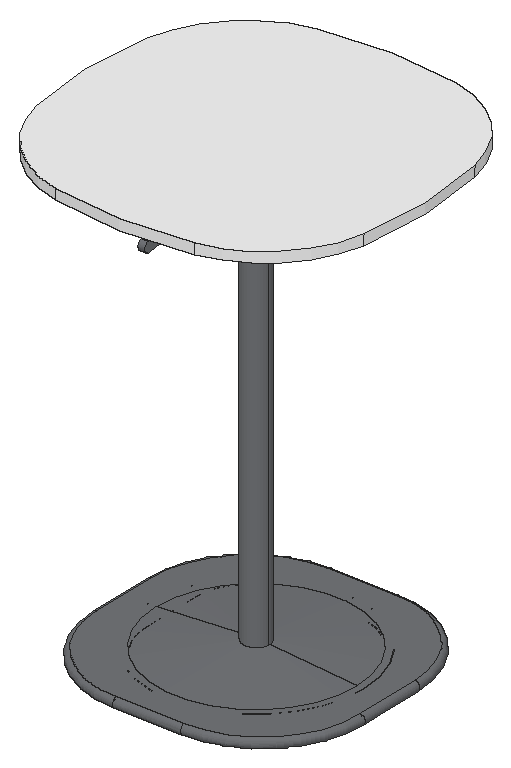
Revit family "FU_Table_Sandler_FLOE 0210", category Furniture, Revit 2022
Family settings
  OmniClass Number = 23.40.20.00
  OmniClass Title = General Furniture and Specialties
  Work Plane-Based = No
  Always vertical = Yes
  Cut with Voids When Loaded = No
  Render Appearance Source = Family Geometry
  Shared = No
  Room Calculation Point = No
Parameters (values of type "FLOE 0210 - Laminate Top")
  Width = 400 mm
  URL = "https://www.sandlerseating.com/product/floe-flo0210/"
  Top Type = Floe Top Laminate : Floe Laminate 40
  Top [instance] = HPL - Sand
  Requested Height = 550 mm
  Model = "FLOE 0210"
  Min Height = 550 mm
  Max Height = 770 mm
  Manufacturer = "Sandler"
  Height = if(and(Requested Height < Max Height, Requested Height > Min Height), Requested Height, if(or(Requested Height = Max Height, Requested Height > Max Height), Max Height, Min Height))  # 550 mm
  Frame [instance] = Epoxy - M2_G49
  Description = "Height-adjustable side table with 40cm/15.7\" square tabletop. Using the gas lift column, the height ranges from 55cm/21.7\" to 77cm/30.3\". Aluminum base. Plastic glides as standard. Designed by Pearson Lloyd."
  Depth = 400 mm
  Default Elevation = 0 mm
Types (3, lengths in mm): name | Top Type | Top | Model | Frame
  (no name) | Floe Top Laminate : Floe Laminate 40 | HPL - Sand | "FLOE 0210" | Epoxy - M2_G49
  FLOE 0210 - Wood Top | Floe Top Wood : Floe Wood 40 | Wood - Black Walnut | "Floe 0210" | Epoxy - M1_B00 - Black
  FLOE 0210 - Laminate Top | Floe Top Laminate : Floe Laminate 40 | HPL - Sand | "FLOE 0210" | Epoxy - M2_G49
Reference planes
  plane 1 "Center (Front/Back)": y = 0
  plane 2: z = 0
  plane 3 "Center (Left/Right)": x = 0
  plane 4 "Right": x = -200
  plane 5 "Left": x = 200
  plane 6 "Back": y = 200
  plane 7 "Front": y = -200
  plane 8 "Height": z = 550
  plane 9 "Top Base": z = 531
  plane 10 "glide RIGHT": z = 2
  plane 11 "frame base": z = 493.5
Forms (mm)
  Sweep 1, solid, material "Epoxy - M2_G49" <- "Frame"
    path in 3D
      loop
        arc (160, 40, 2) -> (124.853, 124.853, 2) -> (40, 160, 2) r 120
        line (40, 160, 2) -> (-40, 160, 2)
        arc (-40, 160, 2) -> (-124.853, 124.853, 2) -> (-160, 40, 2) r 120
        line (-160, 40, 2) -> (-160, -40, 2)
        arc (-160, -40, 2) -> (-124.853, -124.853, 2) -> (-40, -160, 2) r 120
        line (-40, -160, 2) -> (40, -160, 2)
        arc (40, -160, 2) -> (124.853, -124.853, 2) -> (160, -40, 2) r 120
        line (160, -40, 2) -> (160, 40, 2)
    profile origin (160, 0, 2) x (-1, 0, 0) y (0, 0, 1)
      loop
        line (60, 0) -> (60, 11.255) -> (5.596, 11.255)
        arc (5.596, 11.255) -> (-0.031, 5.627) -> (5.596, 0) r 5.627
        line (5.596, 0) -> (60, 0)
  Revolve 2, solid, material "Epoxy - M2_G49" <- "Frame"
    sketch origin (0, 0, 0) x (1, 0, 0) y (0, 0, 1)
      loop
        line (0, 21.765) -> (0, 2) -> (127.019, 2) -> (127.019, 12.63)
        arc (127.019, 12.63) -> (63.707, 19.943) -> (0, 21.765) r 737.717
      axis (0, 21.765) -> (0, 2)
    angle from 0 to 360
  Extrusion 3, solid, material "Epoxy - M2_G49" <- "Frame"
    sketch origin (0, 0, 2) x (1, 0, 0) y (0, 1, 0)
      loop
        circle (0, 0) r 15.5
    from 0 to 465
  Revolve 4, solid, material "Epoxy - M2_G49" <- "Frame"
    sketch origin (0, 0, 0) x (1, 0, 0) y (0, 0, 1)
      loop
        line (-20, 534.5) -> (-20, 496.485)
        arc (-20, 496.485) -> (-19.126, 494.374) -> (-17.016, 493.5) r 2.984
        line (-17.016, 493.5) -> (0, 493.5) -> (0, 534.5) -> (-20, 534.5)
      axis (0, 534.5) -> (0, 493.5)
    angle from 0 to 360
  Extrusion 5, solid, material "Epoxy - M2_G49" <- "Frame"
    sketch origin (0, 0, 531) x (-1, 0, 0) y (0, -1, 0)
      loop
        circle (0, 0) r 75
    from 0 to 6
  Extrusion 6, solid, material "Epoxy - M2_G49" <- "Frame"
    sketch origin (0, 0, 0) x (0, 1, 0) y (0, 0, 1)
      loop
        arc (-98.264, 518.215) -> (-118.566, 516.005) -> (-138.952, 514.782) r 420.731
        line (-138.952, 514.782) -> (-162.431, 511.647)
        arc (-162.431, 511.647) -> (-167.568, 504.927) -> (-160.847, 499.789) r 5.981
        line (-160.847, 499.789) -> (-137.368, 502.924)
        arc (-137.368, 502.924) -> (-117.376, 507.093) -> (-97.205, 510.286) r 420.728
        line (-97.205, 510.286) -> (0, 523.265) -> (0, 531) -> (-16.336, 531) -> (-16.336, 529.154) -> (-98.264, 518.215)
    from -4 to 4
  Extrusion 7, solid, material "Steel, Chrome Plated"
    sketch origin (0, 0, 531) x (-1, 0, 0) y (0, -1, 0)
      loop
        circle (0, 0) r 12.5
    from 0 to -300
  Extrusion 8, solid
    sketch origin (0, 0, 0) x (1, 0, 0) y (0, 1, 0)
      loop
        arc (-133.927, 100.674) -> (-134.363, 99.623) -> (-133.927, 98.572) r 1.486
        line (-133.927, 98.572) -> (-128.976, 93.621)
        arc (-128.976, 93.621) -> (-127.907, 93.178) -> (-126.838, 93.621) r 1.512
        line (-126.838, 93.621) -> (-93.581, 126.878)
        arc (-93.581, 126.878) -> (-93.155, 127.907) -> (-93.581, 128.937) r 1.456
        line (-93.581, 128.937) -> (-98.584, 133.939)
        arc (-98.584, 133.939) -> (-99.623, 134.369) -> (-100.662, 133.939) r 1.47
        line (-100.662, 133.939) -> (-133.927, 100.674)
      loop
        line (133.927, 100.674) -> (100.662, 133.939)
        arc (100.662, 133.939) -> (99.623, 134.369) -> (98.584, 133.939) r 1.47
        line (98.584, 133.939) -> (93.581, 128.937)
        arc (93.581, 128.937) -> (93.155, 127.907) -> (93.581, 126.878) r 1.456
        line (93.581, 126.878) -> (126.838, 93.621)
        arc (126.838, 93.621) -> (127.907, 93.178) -> (128.976, 93.621) r 1.512
        line (128.976, 93.621) -> (133.927, 98.572)
        arc (133.927, 98.572) -> (134.363, 99.623) -> (133.927, 100.674) r 1.486
      loop
        line (-133.927, -100.674) -> (-100.662, -133.939)
        arc (-100.662, -133.939) -> (-99.623, -134.369) -> (-98.584, -133.939) r 1.47
        line (-98.584, -133.939) -> (-93.581, -128.937)
        arc (-93.581, -128.937) -> (-93.155, -127.907) -> (-93.581, -126.878) r 1.456
        line (-93.581, -126.878) -> (-126.838, -93.621)
        arc (-126.838, -93.621) -> (-127.907, -93.178) -> (-128.976, -93.621) r 1.512
        line (-128.976, -93.621) -> (-133.927, -98.572)
        arc (-133.927, -98.572) -> (-134.363, -99.623) -> (-133.927, -100.674) r 1.486
      loop
        arc (133.927, -100.674) -> (134.363, -99.623) -> (133.927, -98.572) r 1.486
        line (133.927, -98.572) -> (128.976, -93.621)
        arc (128.976, -93.621) -> (127.907, -93.178) -> (126.838, -93.621) r 1.512
        line (126.838, -93.621) -> (93.581, -126.878)
        arc (93.581, -126.878) -> (93.155, -127.907) -> (93.581, -128.937) r 1.456
        line (93.581, -128.937) -> (98.584, -133.939)
        arc (98.584, -133.939) -> (99.623, -134.369) -> (100.662, -133.939) r 1.47
        line (100.662, -133.939) -> (133.927, -100.674)
    from 0 to 6
Lines and regions (mm)
  sketch lines
    curve 1: line (160, -40, 2) -> (160, 40, 2)
    curve 2: arc (160, 40, 2) -> (124.853, 124.853, 2) -> (40, 160, 2) r 120
    curve 3: line (40, 160, 2) -> (-40, 160, 2)
    curve 4: arc (-160, 40, 2) -> (-124.853, 124.853, 2) -> (-40, 160, 2) r 120
    curve 5: line (-160, 40, 2) -> (-160, -40, 2)
    curve 6: arc (-160, -40, 2) -> (-124.853, -124.853, 2) -> (-40, -160, 2) r 120
    curve 7: line (-40, -160, 2) -> (40, -160, 2)
    curve 8: arc (160, -40, 2) -> (124.853, -124.853, 2) -> (40, -160, 2) r 120
Dimensions and locks
  equal spacing: plane 6 "Back", plane 1 "Center (Front/Back)", plane 7 "Front"
  "Depth": plane 6 "Back" to plane 7 "Front"
  equal spacing: plane 4 "Right", plane 3 "Center (Left/Right)", plane 5 "Left"
  "Width": plane 4 "Right" to plane 5 "Left"
  "Height": plane 8 "Height" to level
  locked: plane 8 "Height" to plane 9 "Top Base" at 19
  locked: plane 9 "Top Base" to plane 11 "frame base" at 37.5
  aligned and locked: level to plane 2
  aligned and locked: Extrusion 6 sketch curve to plane 9 "Top Base"
  aligned and locked: nested 1 to plane 8 "Height"
Automatic sketch dimensions
  Sweep 1 sketch curve to profile plane = 0 mm
  Sweep 1 sketch curve to profile plane = 5.596 mm
  Sweep 1 sketch curve to Sweep 1 sketch curve = 54.404 mm
  profile plane to Sweep 1 sketch curve = 11.255 mm
  Revolve 2 sketch curve to plane 3 "Center (Left/Right)" = 0 mm  (x2)
  Revolve 2 sketch curve to plane 10 "glide RIGHT" = 0 mm
  plane 3 "Center (Left/Right)" to Revolve 2 sketch curve = 10.79 mm
  Revolve 2 sketch curve to plane 5 "Left" = 72.981 mm
  Revolve 2 sketch curve to level = 715.873 mm
  Revolve 2 sketch curve to plane 10 "glide RIGHT" = 10.63 mm
  Revolve 2 sketch curve to level = 9.04 mm
  Revolve 2 sketch curve to Revolve 2 sketch curve = 6.468 mm
  plane 1 "Center (Front/Back)" to Extrusion 3 sketch curve = 0 mm
  Extrusion 3 sketch curve to plane 3 "Center (Left/Right)" = 0 mm
  Revolve 4 sketch curve to plane 11 "frame base" = 0 mm
  Revolve 4 sketch curve to plane 3 "Center (Left/Right)" = 0 mm  (x2)
  Revolve 4 sketch curve to plane 3 "Center (Left/Right)" = 17.016 mm
  plane 9 "Top Base" to Revolve 4 sketch curve = 3.5 mm
  Revolve 4 sketch curve to plane 3 "Center (Left/Right)" = 20 mm
  plane 11 "frame base" to Revolve 4 sketch curve = 12.469 mm
  plane 8 "Height" to Revolve 4 sketch curve = 6.031 mm
  plane 1 "Center (Front/Back)" to Extrusion 5 sketch curve = 0 mm
  Extrusion 5 sketch curve to plane 3 "Center (Left/Right)" = 0 mm
  Extrusion 6 sketch curve to plane 1 "Center (Front/Back)" = 0 mm
  Extrusion 6 sketch curve to plane 9 "Top Base" = 1.846 mm
  plane 1 "Center (Front/Back)" to Extrusion 6 sketch curve = 16.336 mm
  plane 1 "Center (Front/Back)" to Extrusion 6 sketch curve = 41.524 mm
  Extrusion 6 sketch curve to plane 11 "frame base" = 16.786 mm
  Extrusion 6 sketch curve to Extrusion 6 sketch curve = 80.869 mm
  Extrusion 6 sketch curve to plane 9 "Top Base" = 12.785 mm
  Extrusion 6 sketch curve to Extrusion 6 sketch curve = 1.059 mm
  Extrusion 6 sketch curve to plane 11 "frame base" = 9.424 mm
  Extrusion 6 sketch curve to Extrusion 6 sketch curve = 40.163 mm
  Extrusion 6 sketch curve to plane 9 "Top Base" = 16.218 mm
  Extrusion 6 sketch curve to Extrusion 6 sketch curve = 1.583 mm
  plane 7 "Front" to Extrusion 6 sketch curve = 46.054 mm
  Extrusion 6 sketch curve to plane 11 "frame base" = 6.289 mm
  Extrusion 6 sketch curve to Extrusion 6 sketch curve = 23.479 mm
  Extrusion 6 sketch curve to Extrusion 6 sketch curve = 0.792 mm  (x2)
  Extrusion 6 sketch curve to plane 11 "frame base" = 18.147 mm
  Extrusion 6 sketch curve to Extrusion 6 sketch curve = 7.735 mm
  plane 1 "Center (Front/Back)" to Extrusion 7 sketch curve = 0 mm
  Extrusion 7 sketch curve to plane 3 "Center (Left/Right)" = 0 mm
  plane 4 "Right" to Extrusion 8 sketch curve = 66.073 mm  (x2)
  Extrusion 8 sketch curve to Extrusion 8 sketch curve = 0 mm  (x4)
  Extrusion 8 sketch curve to Extrusion 8 sketch curve = 1.051 mm  (x10)
  Extrusion 8 sketch curve to Extrusion 8 sketch curve = 4.951 mm  (x4)
  Extrusion 8 sketch curve to Extrusion 8 sketch curve = 1.069 mm  (x12)
  Extrusion 8 sketch curve to Extrusion 8 sketch curve = 33.265 mm  (x4)
  Extrusion 8 sketch curve to Extrusion 8 sketch curve = 1.039 mm  (x12)
  Extrusion 8 sketch curve to Extrusion 8 sketch curve = 5.012 mm  (x2)
  Extrusion 8 sketch curve to Extrusion 8 sketch curve = 1.029 mm  (x10)
  plane 3 "Center (Left/Right)" to Extrusion 8 sketch curve = 93.581 mm  (x2)
  Extrusion 8 sketch curve to Extrusion 8 sketch curve = 5.002 mm  (x4)
  plane 7 "Front" to Extrusion 8 sketch curve = 66.061 mm  (x2)
  Extrusion 8 sketch curve to plane 6 "Back" = 66.061 mm
  Extrusion 8 sketch curve to Extrusion 8 sketch curve = 33.257 mm  (x3)
  Extrusion 8 sketch curve to Extrusion 8 sketch curve = 4.969 mm  (x2)
  Extrusion 8 sketch curve to Extrusion 8 sketch curve = 4.933 mm  (x2)
  Extrusion 8 sketch curve to plane 1 "Center (Front/Back)" = 93.621 mm
  Extrusion 8 sketch curve to Extrusion 8 sketch curve = 40.318 mm
  Extrusion 8 sketch curve to Extrusion 8 sketch curve = 7.061 mm
  Extrusion 8 sketch curve to Extrusion 8 sketch curve = 4.992 mm
  radius of Extrusion 3 sketch curve = 15.5 mm
  radius of Extrusion 5 sketch curve = 75 mm
  radius of Extrusion 7 sketch curve = 12.5 mm
Nested families
  nested 1: "Floe Top Laminate" at (0, 0, 0), Top Finish <- "Top", type <- "Top Type", type "Floe Laminate 40"
    with Top Finish HPL - Sand
Definition of nested family "Floe Top Laminate"
  Parameters (values of type "Floe Laminate 40")
    URL = ""
    Top Width = 400 mm
    Top Thickness = 12 mm
    Top Finish [instance] = none
    Top Elevation = 538 mm
    Top Depth = Top Width  # 400 mm
    Model = ""
    Manufacturer = "Sandler"
    Description = ""
    Default Elevation = 0 mm
  Reference planes
    plane 1 "Center (Front/Back)": y = 0
    plane 2: z = 0
    plane 3 "Center (Left/Right)": x = 0
    plane 4 "Top Over": z = 550
    plane 5 "Top Under": z = 538
    plane 6 "Right": x = -200
    plane 7 "Left": x = 200
    plane 8 "Back": y = 200
    plane 9 "Front": y = -200
    plane 10 "Top Edge Back": y = 140
    plane 11 "Top Edge Front": y = -140
    plane 12 "Top Edge Left": x = 140
    plane 13 "Top Edge Right": x = -140
  Forms (mm)
    Extrusion 1, solid, material <- "Top Finish"
      sketch origin (0, 0, 538) x (1, 0, 0) y (0, 1, 0)
        loop
          arc (-81.625, 191.987) -> (-153.62, 153.62) -> (-191.987, 81.625) r 139.944
          arc (-191.987, 81.625) -> (-199.924, 0) -> (-191.987, -81.625) r 423.692
          arc (-191.987, -81.625) -> (-153.62, -153.62) -> (-81.625, -191.987) r 139.944
          arc (-81.625, -191.987) -> (0, -199.924) -> (81.625, -191.987) r 423.692
          arc (81.625, -191.987) -> (153.62, -153.62) -> (191.987, -81.625) r 139.944
          arc (191.987, -81.625) -> (199.924, 0) -> (191.987, 81.625) r 423.692
          arc (191.987, 81.625) -> (153.62, 153.62) -> (81.625, 191.987) r 139.944
          arc (81.625, 191.987) -> (0, 199.924) -> (-81.625, 191.987) r 423.692
      from 0 to 12
  Dimensions and locks
    "Top Thickness": plane 5 "Top Under" to plane 4 "Top Over"
    "Top Elevation": plane 5 "Top Under" to level
    equal spacing: plane 6 "Right", plane 3 "Center (Left/Right)", plane 7 "Left"
    "Top Width": plane 6 "Right" to plane 7 "Left"
    equal spacing: plane 8 "Back", plane 1 "Center (Front/Back)", plane 9 "Front"
    "Top Depth": plane 8 "Back" to plane 9 "Front"
    locked: plane 8 "Back" to plane 10 "Top Edge Back" at 60
    locked: plane 6 "Right" to plane 13 "Top Edge Right" at 60
    locked: plane 11 "Top Edge Front" to plane 9 "Front" at 60
    locked: plane 12 "Top Edge Left" to plane 7 "Left" at 60
    aligned and locked: level to plane 2
  Automatic sketch dimensions
    plane 1 "Center (Front/Back)" to Extrusion 1 sketch curve = 0 mm  (x2)
    plane 6 "Right" to Extrusion 1 sketch curve = 23.768 mm
    Extrusion 1 sketch curve to plane 3 "Center (Left/Right)" = 54.664 mm  (x2)
    Extrusion 1 sketch curve to plane 3 "Center (Left/Right)" = 0 mm  (x2)
    plane 3 "Center (Left/Right)" to Extrusion 1 sketch curve = 54.664 mm  (x2)
    Extrusion 1 sketch curve to plane 7 "Left" = 23.768 mm
    plane 1 "Center (Front/Back)" to Extrusion 1 sketch curve = 54.664 mm  (x2)
    Extrusion 1 sketch curve to plane 9 "Front" = 23.768 mm
    Extrusion 1 sketch curve to plane 1 "Center (Front/Back)" = 54.664 mm  (x2)
    plane 8 "Back" to Extrusion 1 sketch curve = 23.768 mm
    Extrusion 1 sketch curve to plane 6 "Right" = 8.013 mm
    Extrusion 1 sketch curve to Extrusion 1 sketch curve = 0 mm  (x7)
